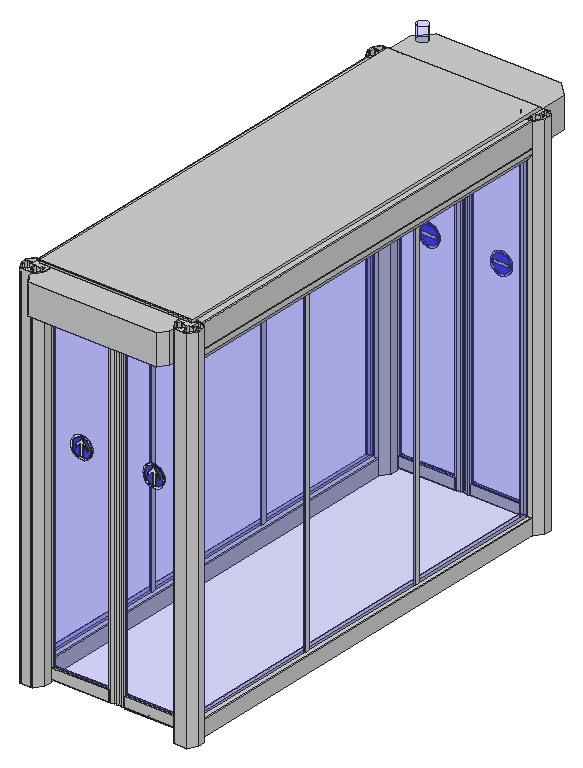
Revit family "agtatec_Record_ScrtTnnl_FlipFlowTwin_Standalone2", category Doors, Revit 2015
Parameters (values of type "FlipFlow Twin_1229")
  Width = NominalWidth  # 1229.00 mm
  Weight = "n/a"
  WarrantyStartDate [instance] = "367.999988368056"
  WarrantyGuarantorParts = "Local door manufacturer"
  WarrantyDurationUnit = "Depends on country"
  WarrantyDurationParts = "Depends on country"
  WarrantyDescription = "Depends on country"
  Version = "1"
  Uniclass2015Version = "1.9"
  Uniclass2015Title = "High security doorsets"
  Uniclass2015Code = "Pr_30_59_24_37"
  URL = ""
  Type Comments = ""
  ThresholdStripping = no
  ThresholdRequired = no
  Thickness = 0.00 mm
  ThermalTransmittance = 0
  TagNumber [instance] = "n/a"
  SmokeStop = no
  Size = "2365x3526x1229"
  Shape = "cuboid shaped"
  SerialNumber [instance] = "n/a"
  Sensor = agtatec_Record_Aluminium
  SelfClosing = yes
  SafetyDevices = "YES"
  Rubber = agtatec_Record_Rubber
  Rough Width = NominalWidth  # 1229.00 mm
  Rough Height = 0.00 mm
  Revision = "n/a"
  ReplacementCost = "Depends on the configuration and door type"
  Reference = "n/a"
  ProductInformation = "www.agta-record.com"
  PassageWidthOptions = "650/900/1100/1203"
  PassageWidth = 900.00 mm
  PassageHeight = NominalHeight  # 2365.00 mm
  PanelWidth = (PassageWidth / 2) + 23.10 mm  # 473.10 mm
  PanelGlass = agtatec_Record_Glass
  Operation = "Automatic"
  OperatingTemperature = "n/a"
  OpeningRotationAngle = if(OpenDoor, 90.00°, 0.00°)  # 0.00°
  OpenDoor = no
  NominalWidth = 1229.00 mm
  NominalLength = 3526.00 mm
  NominalHeight = 2365.00 mm
  Name = "record FlipFlow Twin"
  NBSReference = "25-50-20/176"
  NBSDescription = "Sliding Doorset"
  ModelReference = "depends on the configuration"
  ModelNumber = "n/a"
  Model = ""
  Material = "Aluminium"
  ManufacturerURL = "www.agta-record.com"
  Manufacturer = "info@blasi.info"
  Length = 5999.839 mm
  LeafColourOptions = "n/a"
  Keynote = ""
  IsExternal = no
  InstallationDate [instance] = "367.999988368056"
  Infiltration = 0
  IfcExportType = "Door"
  IfcExportAs = "IFCDoorStyle"
  HeightUnderCanopyOptions = "n/a"
  Height = NominalHeight  # 2365.00 mm
  HasDrive = yes
  HandicapAccessible = yes
  Grade = "n/a"
  GlassType = "n/a"
  GlassThickness2 = 0.00 mm
  GlassThickness1 = 0.00 mm
  GlassLayers = 1
  Function = Exterior
  Frames = agtatec_Record_Aluminium
  FrameProfile = "n/a"
  FrameMaterial = agtatec_Record_Aluminium
  FrameFinishOptions = "stainless steel finish"
  Fire Rating = ""
  Finish = "Aluminium and Glass"
  Features = "n/a"
  Extended = no
  ExpectedLife = "n/a"
  ElectronicLock = yes
  DurationUnit = "Year"
  DoorsetOptions = "n/a"
  DoorsetOperation = "n/a"
  DoorsetFasteners = "n/a"
  DoorSeal = yes
  DoorIncluded = yes
  DiameterOptions = "n/a"
  Description = ""
  Cost = 0
  Construction Type = "Automatic Sliding Door"
  Constituents = "n/a"
  Configuration = "n/a"
  Color = "RAL"
  CodePerformance = "n/a"
  Category = "n/a"
  Capacity = "up tp 2000 people / hour"
  CanopyHeightOptions = "n/a"
  CanopyHeight = 211.00 mm
  BarCode [instance] = "n/a"
  BIMObjectName = "agtatec_Record_ScrtTnnl_FlipFlowTwin_Standalone"
  Author = "agtatec"
  AssetType = "n/a"
  AssetIdentifier [instance] = "n/a"
  Assembly Code = ""
  AntiFingerTrapRequirement = no
  AlternativeDoorsetGlazing = "n/a"
  Alarm = agtatec_Record_Glass
  AccessoryOptions = "n/a"
  AccessibilityPerformance = "n/a"
Reference planes
  plane 1 "Entry": y = 0
  plane 2: z = 0
  plane 3 "Center (Left/Right)": x = 0
  plane 4 "Top": z = 2576
  plane 5 "PH": z = 2365
  plane 6: x = -450
  plane 7: x = 450
  plane 8 "Center": y = 2999.92
  plane 9: x = 473.1
  plane 10: x = -473.1
  plane 11: x = 528.05
  plane 12: x = 536.25
  plane 13: x = -528.05
  plane 14: x = -536.25
  plane 15: y = 3009.27
  plane 16: y = 2879.26
  plane 17: y = 9.35
  plane 18: y = 1922.623
  plane 19: y = 965.987
  plane 20: y = 1926.623
  plane 21: y = 1918.623
  plane 22: y = 969.987
  plane 23: y = 961.987
  plane 24: y = 17.45
  plane 25: y = 2871.16
  plane 26: y = 3017.37
  plane 27: z = 70.9
  plane 28: z = 2345.9
  plane 29: y = 3298.08
  plane 30: x = -448.75
  plane 31: y = 3203.96
Forms (mm)
  Sweep 1, solid, material "agtatec_Record_Aluminium" <- "Frames"
    path origin (0, 0, 0) x (1, 0, 0) y (0, 0, 1)
      loop
        line (450, 0) -> (450, 2576)
    profile origin (450, 0, 1288) x (-1, 0, 0) y (0, -1, 0)
      loop
        line (-37.465, 128.76) -> (-127.035, 128.76) -> (-164.5, 68.803) -> (-164.5, 20.298) -> (-126.752, -17.45) -> (-94.75, -17.45) -> (-94.75, 2.55) -> (-69.55, 2.55) -> (-69.55, -17.45) -> (-43.296, -17.45) -> (-43.296, 20.296) -> (0, 20.296) -> (0, 68.803) -> (-37.465, 128.76)
      loop
        line (-93.15, 103.76) -> (-100.15, 103.76) -> (-100.15, 113.76) -> (-110.85, 113.76) -> (-110.85, 121.863) -> (-127.78, 121.863) -> (-162, 67.057) -> (-162, 65.303) -> (-144.6, 65.303) -> (-144.6, 44) -> (-121.65, 44) -> (-121.65, 53.5) -> (-84.65, 53.5) -> (-84.65, 90.06) -> (-93.15, 90.06) -> (-93.15, 103.76)
      loop
        line (-71.15, 103.76) -> (-71.15, 90.06) -> (-79.65, 90.06) -> (-79.65, 53.5) -> (-42.65, 53.5) -> (-42.65, 44) -> (-19.9, 44) -> (-19.9, 65.303) -> (-2.3, 65.303) -> (-2.3, 67.057) -> (-36.52, 121.863) -> (-53.45, 121.863) -> (-53.45, 113.76) -> (-64.15, 113.76) -> (-64.15, 103.76) -> (-71.15, 103.76)
      loop
        line (-102.6, 39) -> (-162, 39) -> (-162, 21.326) -> (-129.934, -10.74) -> (-106, -10.74) -> (-106, -7.95) -> (-102.6, -7.95) -> (-102.6, 39)
  Sweep 2, solid, material "agtatec_Record_Aluminium" <- "Frames"
    path origin (0, 2999.92, 0) x (1, 0, 0) y (0, 0, 1)
      loop
        line (450, 0) -> (450, 2576)
    profile origin (450, 2999.92, 1288) x (-1, 0, 0) y (0, -1, 0)
      loop
        line (-37.465, 128.76) -> (-69.55, 128.76) -> (-69.55, 108.76) -> (-94.75, 108.76) -> (-94.75, 128.76) -> (-127.035, 128.76) -> (-164.5, 68.803) -> (-164.5, 20.298) -> (-126.752, -17.45) -> (-43.296, -17.45) -> (-43.296, 20.296) -> (0, 20.296) -> (0, 68.803) -> (-37.465, 128.76)
      loop
        line (-93.15, 103.76) -> (-100.15, 103.76) -> (-100.15, 113.76) -> (-110.85, 113.76) -> (-110.85, 121.863) -> (-127.78, 121.863) -> (-162, 67.057) -> (-162, 65.303) -> (-144.6, 65.303) -> (-144.6, 44) -> (-121.65, 44) -> (-121.65, 53.5) -> (-84.65, 53.5) -> (-84.65, 90.06) -> (-93.15, 90.06) -> (-93.15, 103.76)
      loop
        line (-71.15, 103.76) -> (-71.15, 90.06) -> (-79.65, 90.06) -> (-79.65, 53.5) -> (-42.65, 53.5) -> (-42.65, 44) -> (-19.9, 44) -> (-19.9, 65.303) -> (-2.3, 65.303) -> (-2.3, 67.057) -> (-36.52, 121.863) -> (-53.45, 121.863) -> (-53.45, 113.76) -> (-64.15, 113.76) -> (-64.15, 103.76) -> (-71.15, 103.76)
      loop
        line (-102.6, 39) -> (-162, 39) -> (-162, 21.326) -> (-129.934, -10.74) -> (-106, -10.74) -> (-106, -7.95) -> (-102.6, -7.95) -> (-102.6, 39)
  Sweep 3, solid, material "agtatec_Record_Aluminium" <- "Frames"
    path origin (0, 0, 0) x (-1, 0, 0) y (0, 0, 1)
      loop
        line (450, 0) -> (450, 2576)
    profile origin (-450, 0, 1288) x (-1, 0, 0) y (0, -1, 0)
      loop
        line (37.465, 128.76) -> (0, 68.803) -> (0, 20.296) -> (43.296, 20.296) -> (43.296, -17.45) -> (69.55, -17.45) -> (69.55, 2.55) -> (94.75, 2.55) -> (94.75, -17.45) -> (126.752, -17.45) -> (164.5, 20.298) -> (164.5, 68.803) -> (127.035, 128.76) -> (37.465, 128.76)
      loop
        line (93.15, 103.76) -> (93.15, 90.06) -> (84.65, 90.06) -> (84.65, 53.5) -> (121.65, 53.5) -> (121.65, 44) -> (144.6, 44) -> (144.6, 65.303) -> (162, 65.303) -> (162, 67.057) -> (127.78, 121.863) -> (110.85, 121.863) -> (110.85, 113.76) -> (100.15, 113.76) -> (100.15, 103.76) -> (93.15, 103.76)
      loop
        line (71.15, 103.76) -> (64.15, 103.76) -> (64.15, 113.76) -> (53.45, 113.76) -> (53.45, 121.863) -> (36.52, 121.863) -> (2.3, 67.057) -> (2.3, 65.303) -> (19.9, 65.303) -> (19.9, 44) -> (42.65, 44) -> (42.65, 53.5) -> (79.65, 53.5) -> (79.65, 90.06) -> (71.15, 90.06) -> (71.15, 103.76)
      loop
        line (102.6, 39) -> (102.6, -7.95) -> (106, -7.95) -> (106, -10.74) -> (129.934, -10.74) -> (162, 21.326) -> (162, 39) -> (102.6, 39)
  Sweep 4, solid, material "agtatec_Record_Aluminium" <- "Frames"
    path origin (0, 2999.92, 0) x (-1, 0, 0) y (0, 0, 1)
      loop
        line (450, 0) -> (450, 2576)
    profile origin (-450, 2999.92, 1288) x (-1, 0, 0) y (0, -1, 0)
      loop
        line (37.465, 128.76) -> (0, 68.803) -> (0, 20.296) -> (43.296, 20.296) -> (43.296, -17.45) -> (126.752, -17.45) -> (164.5, 20.298) -> (164.5, 68.803) -> (127.035, 128.76) -> (94.75, 128.76) -> (94.75, 108.76) -> (69.55, 108.76) -> (69.55, 128.76) -> (37.465, 128.76)
      loop
        line (93.15, 103.76) -> (93.15, 90.06) -> (84.65, 90.06) -> (84.65, 53.5) -> (121.65, 53.5) -> (121.65, 44) -> (144.6, 44) -> (144.6, 65.303) -> (162, 65.303) -> (162, 67.057) -> (127.78, 121.863) -> (110.85, 121.863) -> (110.85, 113.76) -> (100.15, 113.76) -> (100.15, 103.76) -> (93.15, 103.76)
      loop
        line (71.15, 103.76) -> (64.15, 103.76) -> (64.15, 113.76) -> (53.45, 113.76) -> (53.45, 121.863) -> (36.52, 121.863) -> (2.3, 67.057) -> (2.3, 65.303) -> (19.9, 65.303) -> (19.9, 44) -> (42.65, 44) -> (42.65, 53.5) -> (79.65, 53.5) -> (79.65, 90.06) -> (71.15, 90.06) -> (71.15, 103.76)
      loop
        line (102.6, 39) -> (102.6, -7.95) -> (106, -7.95) -> (106, -10.74) -> (129.934, -10.74) -> (162, 21.326) -> (162, 39) -> (102.6, 39)
  Extrusion 5, solid, material "agtatec_Record_Glass" <- "PanelGlass"
    sketch origin (0, 0, 0) x (1, 0, 0) y (0, 1, 0)
      loop
        line (536.25, 9.35) -> (536.25, 961.987) -> (528.05, 961.987) -> (528.05, 9.35) -> (536.25, 9.35)
      loop
        line (536.25, 2879.26) -> (528.05, 2879.26) -> (528.05, 1926.623) -> (536.25, 1926.623) -> (536.25, 2879.26)
      loop
        line (536.25, 969.987) -> (536.25, 1918.623) -> (528.05, 1918.623) -> (528.05, 969.987) -> (536.25, 969.987)
    from 70.9 to 2345.9
  Extrusion 6, solid, material "agtatec_Record_Glass" <- "PanelGlass"
    sketch origin (0, 0, 0) x (-1, 0, 0) y (0, -1, 0)
      loop
        line (536.25, -9.35) -> (528.05, -9.35) -> (528.05, -961.987) -> (536.25, -961.987) -> (536.25, -9.35)
      loop
        line (536.25, -2879.26) -> (536.25, -1926.623) -> (528.05, -1926.623) -> (528.05, -2879.26) -> (536.25, -2879.26)
      loop
        line (528.05, -969.987) -> (528.05, -1918.623) -> (536.25, -1918.623) -> (536.25, -969.987) -> (528.05, -969.987)
    from 0 to 2345.9
  Sweep 7, solid, material "agtatec_Record_Aluminium" <- "Frames"
    path origin (-3291.85, 965.987, 1200) x (1, 0, 0) y (0, 0, 1)
      loop
        line (3741.85, -1129.1) -> (3741.85, 1145.9)
    profile origin (450, 965.987, 1208.4) x (-1, 0, 0) y (0, -1, 0)
      loop
        line (-77.85, -1) -> (-77.85, -15) -> (-75.85, -15) -> (-75.85, 15) -> (-77.85, 15) -> (-77.85, 1) -> (-86.45, 1) -> (-86.45, 15) -> (-88.45, 15) -> (-88.45, -15) -> (-86.45, -15) -> (-86.45, -1) -> (-77.85, -1)
  Sweep 8, solid, material "agtatec_Record_Aluminium" <- "Frames"
    path origin (-3291.85, 1922.623, 1200) x (1, 0, 0) y (0, 0, 1)
      loop
        line (3741.85, -1129.1) -> (3741.85, 1145.9)
    profile origin (450, 1922.623, 1208.4) x (-1, 0, 0) y (0, -1, 0)
      loop
        line (-77.85, -1) -> (-77.85, -15) -> (-75.85, -15) -> (-75.85, 15) -> (-77.85, 15) -> (-77.85, 1) -> (-86.45, 1) -> (-86.45, 15) -> (-88.45, 15) -> (-88.45, -15) -> (-86.45, -15) -> (-86.45, -1) -> (-77.85, -1)
  Sweep 9, solid, material "agtatec_Record_Aluminium" <- "Frames"
    path origin (3291.85, 965.987, 1200) x (-1, 0, 0) y (0, 0, -1)
      loop
        line (3741.85, 1129.1) -> (3741.85, -1145.9)
    profile origin (-450, 965.987, 1208.4) x (-1, 0, 0) y (0, -1, 0)
      loop
        line (77.85, -1) -> (86.45, -1) -> (86.45, -15) -> (88.45, -15) -> (88.45, 15) -> (86.45, 15) -> (86.45, 1) -> (77.85, 1) -> (77.85, 15) -> (75.85, 15) -> (75.85, -15) -> (77.85, -15) -> (77.85, -1)
  Sweep 10, solid, material "agtatec_Record_Aluminium" <- "Frames"
    path origin (3291.85, 1922.623, 1200) x (-1, 0, 0) y (0, 0, -1)
      loop
        line (3741.85, 1129.1) -> (3741.85, -1145.9)
    profile origin (-450, 1922.623, 1208.4) x (-1, 0, 0) y (0, -1, 0)
      loop
        line (77.85, -1) -> (86.45, -1) -> (86.45, -15) -> (88.45, -15) -> (88.45, 15) -> (86.45, 15) -> (86.45, 1) -> (77.85, 1) -> (77.85, 15) -> (75.85, 15) -> (75.85, -15) -> (77.85, -15) -> (77.85, -1)
  Sweep 11, solid, material "agtatec_Record_Aluminium" <- "Frames"
    path origin (0, 0, 0) x (1, 0, 0) y (0, 1, 0)
      loop
        line (450, 17.45) -> (450, 2871.16)
    profile origin (450, 1444.305, 0) x (-1, 0, 0) y (0, 0, 1)
      loop
        line (-39.65, 0.9) -> (-39.65, 105.9)
        arc (-39.65, 105.9) -> (-41.114, 109.436) -> (-44.65, 110.9) r 5
        line (-44.65, 110.9) -> (-72.65, 110.9) -> (-72.65, 70.9) -> (-91.65, 70.9) -> (-91.65, 110.9) -> (-119.65, 110.9)
        arc (-119.65, 110.9) -> (-123.186, 109.436) -> (-124.65, 105.9) r 5
        line (-124.65, 105.9) -> (-124.65, 0.9) -> (-39.65, 0.9)
  Sweep 12, solid, material "agtatec_Record_Aluminium" <- "Frames"
    path origin (0, 0, 0) x (-1, 0, 0) y (0, 1, 0)
      loop
        line (450, 17.45) -> (450, 2871.16)
    profile origin (-450, 1444.305, 0) x (-1, 0, 0) y (0, 0, 1)
      loop
        line (39.65, 0.9) -> (124.65, 0.9) -> (124.65, 105.9)
        arc (124.65, 105.9) -> (123.186, 109.436) -> (119.65, 110.9) r 5
        line (119.65, 110.9) -> (91.65, 110.9) -> (91.65, 70.9) -> (72.65, 70.9) -> (72.65, 110.9) -> (44.65, 110.9)
        arc (44.65, 110.9) -> (41.114, 109.436) -> (39.65, 105.9) r 5
        line (39.65, 105.9) -> (39.65, 0.9)
  Sweep 13, solid, material "agtatec_Record_Aluminium" <- "Frames"
    path origin (0, 0, 2365) x (-1, 0, 0) y (0, -1, 0)
      loop
        line (-450, -17.45) -> (-450, -2871.16)
    profile origin (450, 1444.305, 2365) x (-1, 0, 0) y (0, 0, 1)
      loop
        line (-60.47, -28.7) -> (-43.15, 1.3) -> (-43.15, 38.1) -> (-115.65, 38.1)
        arc (-115.65, 38.1) -> (-118.125, 39.125) -> (-119.15, 41.6) r 3.5
        line (-119.15, 41.6) -> (-119.15, 105.35) -> (-46.15, 105.35) -> (-46.15, 142.35) -> (-119.15, 142.35) -> (-119.15, 206.6)
        arc (-119.15, 206.6) -> (-118.271, 208.721) -> (-116.15, 209.6) r 3
        line (-116.15, 209.6) -> (-71.15, 209.6) -> (-71.15, 211.6) -> (-116.15, 211.6)
        arc (-116.15, 211.6) -> (-119.686, 210.136) -> (-121.15, 206.6) r 5
        line (-121.15, 206.6) -> (-121.15, 41.6)
        arc (-121.15, 41.6) -> (-119.539, 37.711) -> (-115.65, 36.1) r 5.5
        line (-115.65, 36.1) -> (-115.65, 35.1) -> (-121.15, 35.1) -> (-121.15, 1.3) -> (-103.83, -28.7) -> (-92.15, -28.7) -> (-92.15, -33.1) -> (-89.15, -33.1) -> (-89.15, -19.1) -> (-75.15, -19.1) -> (-75.15, -33.1) -> (-72.15, -33.1) -> (-72.15, -28.7) -> (-60.47, -28.7)
  Sweep 14, solid, material "agtatec_Record_Aluminium" <- "Frames"
    path origin (0, 0, 2365) x (1, 0, 0) y (0, -1, 0)
      loop
        line (-450, -17.45) -> (-450, -2871.16)
    profile origin (-450, 1444.305, 2365) x (-1, 0, 0) y (0, 0, 1)
      loop
        line (60.47, -28.7) -> (72.15, -28.7) -> (72.15, -33.1) -> (75.15, -33.1) -> (75.15, -19.1) -> (89.15, -19.1) -> (89.15, -33.1) -> (92.15, -33.1) -> (92.15, -28.7) -> (103.83, -28.7) -> (121.15, 1.3) -> (121.15, 35.1) -> (115.65, 35.1) -> (115.65, 36.1)
        arc (115.65, 36.1) -> (119.539, 37.711) -> (121.15, 41.6) r 5.5
        line (121.15, 41.6) -> (121.15, 206.6)
        arc (121.15, 206.6) -> (119.686, 210.136) -> (116.15, 211.6) r 5
        line (116.15, 211.6) -> (71.15, 211.6) -> (71.15, 209.6) -> (116.15, 209.6)
        arc (116.15, 209.6) -> (118.271, 208.721) -> (119.15, 206.6) r 3
        line (119.15, 206.6) -> (119.15, 142.35) -> (46.15, 142.35) -> (46.15, 105.35) -> (119.15, 105.35) -> (119.15, 41.6)
        arc (119.15, 41.6) -> (118.125, 39.125) -> (115.65, 38.1) r 3.5
        line (115.65, 38.1) -> (43.15, 38.1) -> (43.15, 1.3) -> (60.47, -28.7)
  Extrusion 15, solid, material "agtatec_Record_Aluminium" <- "Frames"
    sketch origin (0, 0, 0) x (0, 1, 0) y (0, 0, 1)
      loop
        line (2999.92, 2576) -> (2999.92, 2587.5)
        arc (2999.92, 2587.5) -> (2998.748, 2590.328) -> (2995.92, 2591.5) r 4
        line (2995.92, 2591.5) -> (-12.95, 2591.5)
        arc (-12.95, 2591.5) -> (-15.778, 2590.328) -> (-16.95, 2587.5) r 4
        line (-16.95, 2587.5) -> (-16.95, 2576) -> (2999.92, 2576)
    from -528.05 to 528.05
  Extrusion 16, solid, material "agtatec_Record_Aluminium" <- "Frames"
    sketch origin (0, 0, 2365) x (-1, 0, 0) y (0, -1, 0)
      loop
        line (-493.15, 20.296) -> (-493.15, -2871.16) -> (-487.465, -2871.16) -> (-450, -2931.117) -> (-450, -2979.623) -> (-493.296, -2979.623) -> (-493.296, -3017.37) -> (-531.25, -3017.37) -> (-531.25, -3198.909) -> (-432.079, -3298.08) -> (432.079, -3298.08) -> (531.25, -3198.909) -> (531.25, -3017.37) -> (493.296, -3017.37) -> (493.296, -2979.623) -> (450, -2979.623) -> (450, -2931.117) -> (487.465, -2871.16) -> (493.15, -2871.16) -> (493.15, 20.296) -> (450, 20.296) -> (450, 68.803) -> (487.75, 129.216) -> (487.75, 161.56) -> (448.108, 225) -> (-448.108, 225) -> (-487.75, 161.56) -> (-487.75, 129.216) -> (-450, 68.803) -> (-450, 20.296) -> (-493.15, 20.296)
    from 0 to 10
  Extrusion 17, solid, material "agtatec_Record_Aluminium" <- "Frames"
    sketch origin (0, -2999.92, 2365) x (-1, 0, 0) y (0, -1, 0)
      loop
        line (-531.25, -6198.829) -> (-432.079, -6298) -> (432.079, -6298) -> (531.25, -6198.829) -> (531.25, -6017.289) -> (529.25, -6017.289) -> (529.25, -6198) -> (431.25, -6296) -> (-431.25, -6296) -> (-529.25, -6198) -> (-529.25, -6017.289) -> (-531.25, -6017.289) -> (-531.25, -6198.829)
    from 0 to 211
  Extrusion 18, solid, material "agtatec_Record_Aluminium" <- "Frames"
    sketch origin (0, 0, 2365) x (-1, 0, 0) y (0, -1, 0)
      loop
        line (487.75, 128.76) -> (487.75, 161.56) -> (448.108, 225) -> (-448.108, 225) -> (-487.75, 161.56) -> (-487.75, 128.76) -> (-485.75, 128.76) -> (-485.75, 160.986) -> (-447, 223) -> (447, 223) -> (485.75, 160.987) -> (485.75, 128.76) -> (487.75, 128.76)
    from 0 to 211
  Extrusion 19, solid, material "agtatec_Record_Aluminium" <- "Frames"
    sketch origin (0, 0, 2576) x (-1, 0, 0) y (0, -1, 0)
      loop
        line (487.75, 129.216) -> (487.75, 161.56) -> (448.108, 225) -> (-448.108, 225) -> (-487.75, 161.56) -> (-487.75, 129.216) -> (-450, 68.803) -> (-450, -17.45) -> (450, -17.45) -> (450, 68.803) -> (487.75, 129.216)
    from 0 to -10
  Extrusion 20, solid, material "agtatec_Record_Aluminium" <- "Frames"
    sketch origin (0, -1354.92, 2576) x (-1, 0, 0) y (0, -1, 0)
      loop
        line (432.079, -4653) -> (531.25, -4553.829) -> (531.25, -4372.289) -> (493.296, -4372.289) -> (493.296, -4334.543) -> (450, -4334.543) -> (450, -4286.036) -> (487.465, -4226.079) -> (-487.465, -4226.079) -> (-450, -4286.036) -> (-450, -4334.543) -> (-493.296, -4334.543) -> (-493.296, -4372.289) -> (-531.25, -4372.289) -> (-531.25, -4553.829) -> (-432.079, -4653) -> (432.079, -4653)
    from 0 to -10
  Extrusion 21, solid, material "agtatec_Record_Aluminium" <- "Sensor", detail levels fine
    sketch origin (0, 0, 0) x (0, 1, 0) y (0, 0, 1)
      loop
        line (-128.53, 2365) -> (-155.03, 2365)
        arc (-155.03, 2365) -> (-141.78, 2351.75) -> (-128.53, 2365) r 13.25
    from -92.5 to 92.5
  Extrusion 22, solid, material "agtatec_Record_Aluminium" <- "Sensor", detail levels fine
    sketch origin (0, 0, 0) x (0, 1, 0) y (0, 0, 1)
      loop
        arc (3321.41, 2403.08) -> (3334.66, 2416.33) -> (3321.41, 2429.58) r 13.25
        line (3321.41, 2429.58) -> (3298.08, 2429.58) -> (3298.08, 2403.08) -> (3321.41, 2403.08)
    from -135 to 135
  Extrusion 23, solid, material "agtatec_Record_Glass" <- "Alarm", detail levels fine
    sketch origin (0, 0, 2576) x (-1, 0, 0) y (0, -1, 0)
      loop
        circle (448.75, -3203.96) r 38
    from 0 to 100
Cuts and joins
  joined: Sweep 13, Sweep 14, Extrusion 15
  joined: Extrusion 16, Extrusion 17, Extrusion 18, Extrusion 19, Extrusion 20
Lines and regions (mm)
  Masking region 1
    outline origin (-536.25, 0, 0) x (0, 1, 0) y (-1, 0, 0)
      loop
        line (3017.37, -42.954) -> (3017.37, 40.502) -> (2979.622, 78.25) -> (2931.117, 78.25) -> (2871.16, 40.785) -> (2871.16, 38.4) -> (17.45, 38.4) -> (17.45, 40.502) -> (-20.298, 78.25) -> (-68.803, 78.25) -> (-128.76, 40.785) -> (-128.76, -48.785) -> (-68.803, -86.25) -> (-20.296, -86.25) -> (-20.296, -42.954) -> (17.45, -42.954) -> (17.45, -46.6) -> (2871.16, -46.6) -> (2871.16, -48.785) -> (2931.117, -86.25) -> (2979.623, -86.25) -> (2979.623, -42.954) -> (3017.37, -42.954)
  Masking region 2
    outline origin (536.25, 0, 0) x (0, 1, 0) y (-1, 0, 0)
      loop
        line (2979.623, 42.954) -> (2979.623, 86.25) -> (2931.117, 86.25) -> (2871.16, 48.785) -> (2871.16, 46.6) -> (17.45, 46.6) -> (17.45, 42.954) -> (-20.296, 42.954) -> (-20.296, 86.25) -> (-68.803, 86.25) -> (-128.76, 48.785) -> (-128.76, -40.785) -> (-68.803, -78.25) -> (-20.298, -78.25) -> (17.45, -40.502) -> (17.45, -38.4) -> (2871.16, -38.4) -> (2871.16, -40.785) -> (2931.117, -78.25) -> (2979.622, -78.25) -> (3017.37, -40.502) -> (3017.37, 42.954) -> (2979.623, 42.954)
  symbolic lines, detail levels fine
    curve 1: line (-560.85, -121.863, 0) -> (-577.78, -121.863, 0)
    curve 2: line (-560.85, -113.76, 0) -> (-560.85, -121.863, 0)
    curve 3: line (-550.15, -113.76, 0) -> (-560.85, -113.76, 0)
    curve 4: line (-550.15, -103.76, 0) -> (-550.15, -113.76, 0)
    curve 5: line (-543.15, -103.76, 0) -> (-550.15, -103.76, 0)
    curve 6: line (-543.15, -90.06, 0) -> (-543.15, -103.76, 0)
    curve 7: line (-534.65, -90.06, 0) -> (-543.15, -90.06, 0)
    curve 8: line (-534.65, -53.5, 0) -> (-534.65, -90.06, 0)
    curve 9: line (-571.65, -53.5, 0) -> (-534.65, -53.5, 0)
    curve 10: line (-571.65, -44, 0) -> (-571.65, -53.5, 0)
    curve 11: line (-594.6, -44, 0) -> (-571.65, -44, 0)
    curve 12: line (-594.6, -65.303, 0) -> (-594.6, -44, 0)
    curve 13: line (-612, -65.303, 0) -> (-594.6, -65.303, 0)
    curve 14: line (-612, -67.057, 0) -> (-612, -65.303, 0)
    curve 15: line (-577.78, -121.863, 0) -> (-612, -67.057, 0)
    curve 16: line (-529.65, -90.06, 0) -> (-529.65, -53.5, 0)
    curve 17: line (-529.65, -53.5, 0) -> (-492.65, -53.5, 0)
    curve 18: line (-492.65, -53.5, 0) -> (-492.65, -44, 0)
    curve 19: line (-492.65, -44, 0) -> (-469.9, -44, 0)
    curve 20: line (-469.9, -44, 0) -> (-469.9, -65.303, 0)
    curve 21: line (-469.9, -65.303, 0) -> (-452.3, -65.303, 0)
    curve 22: line (-452.3, -67.057, 0) -> (-486.52, -121.863, 0)
    curve 23: line (-452.3, -65.303, 0) -> (-452.3, -67.057, 0)
    curve 24: line (-486.52, -121.863, 0) -> (-503.45, -121.863, 0)
    curve 25: line (-503.45, -121.863, 0) -> (-503.45, -113.76, 0)
    curve 26: line (-503.45, -113.76, 0) -> (-514.15, -113.76, 0)
    curve 27: line (-514.15, -113.76, 0) -> (-514.15, -103.76, 0)
    curve 28: line (-514.15, -103.76, 0) -> (-521.15, -103.76, 0)
    curve 29: line (-521.15, -103.76, 0) -> (-521.15, -90.06, 0)
    curve 30: line (-521.15, -90.06, 0) -> (-529.65, -90.06, 0)
    curve 31: line (-552.6, -39, 0) -> (-612, -39, 0)
    curve 32: line (-552.6, 7.95, 0) -> (-552.6, -39, 0)
    curve 33: line (-556, 7.95, 0) -> (-552.6, 7.95, 0)
    curve 34: line (-556, 10.74, 0) -> (-556, 7.95, 0)
    curve 35: line (-579.934, 10.74, 0) -> (-556, 10.74, 0)
    curve 36: line (-612, -21.326, 0) -> (-579.934, 10.74, 0)
    curve 37: line (-612, -39, 0) -> (-612, -21.326, 0)
    curve 38: line (452.3, -67.057, 0) -> (452.3, -65.303, 0)
    curve 39: line (486.52, -121.863, 0) -> (452.3, -67.057, 0)
    curve 40: line (452.3, -65.303, 0) -> (469.9, -65.303, 0)
    curve 41: line (469.9, -65.303, 0) -> (469.9, -44, 0)
    curve 42: line (469.9, -44, 0) -> (492.65, -44, 0)
    curve 43: line (492.65, -44, 0) -> (492.65, -53.5, 0)
    curve 44: line (492.65, -53.5, 0) -> (529.65, -53.5, 0)
    curve 45: line (529.65, -53.5, 0) -> (529.65, -90.06, 0)
    curve 46: line (529.65, -90.06, 0) -> (521.15, -90.06, 0)
    curve 47: line (521.15, -90.06, 0) -> (521.15, -103.76, 0)
    curve 48: line (521.15, -103.76, 0) -> (514.15, -103.76, 0)
    curve 49: line (514.15, -103.76, 0) -> (514.15, -113.76, 0)
    curve 50: line (514.15, -113.76, 0) -> (503.45, -113.76, 0)
    curve 51: line (503.45, -113.76, 0) -> (503.45, -121.863, 0)
    curve 52: line (503.45, -121.863, 0) -> (486.52, -121.863, 0)
    curve 53: line (612, -65.303, 0) -> (612, -67.057, 0)
    curve 54: line (612, -67.057, 0) -> (577.78, -121.863, 0)
    curve 55: line (594.6, -65.303, 0) -> (612, -65.303, 0)
    curve 56: line (594.6, -44, 0) -> (594.6, -65.303, 0)
    curve 57: line (571.65, -44, 0) -> (594.6, -44, 0)
    curve 58: line (571.65, -53.5, 0) -> (571.65, -44, 0)
    curve 59: line (534.65, -53.5, 0) -> (571.65, -53.5, 0)
    curve 60: line (534.65, -90.06, 0) -> (534.65, -53.5, 0)
    curve 61: line (543.15, -90.06, 0) -> (534.65, -90.06, 0)
    curve 62: line (543.15, -103.76, 0) -> (543.15, -90.06, 0)
    curve 63: line (550.15, -103.76, 0) -> (543.15, -103.76, 0)
    curve 64: line (550.15, -113.76, 0) -> (550.15, -103.76, 0)
    curve 65: line (560.85, -113.76, 0) -> (550.15, -113.76, 0)
    curve 66: line (560.85, -121.863, 0) -> (560.85, -113.76, 0)
    curve 67: line (577.78, -121.863, 0) -> (560.85, -121.863, 0)
    curve 68: line (612, -21.326, 0) -> (612, -39, 0)
    curve 69: line (612, -39, 0) -> (552.6, -39, 0)
    curve 70: line (579.934, 10.74, 0) -> (612, -21.326, 0)
    curve 71: line (552.6, -39, 0) -> (552.6, 7.95, 0)
    curve 72: line (552.6, 7.95, 0) -> (556, 7.95, 0)
    curve 73: line (556, 10.74, 0) -> (579.934, 10.74, 0)
    curve 74: line (556, 7.95, 0) -> (556, 10.74, 0)
    curve 75: line (-560.85, 2878.057, 0) -> (-577.78, 2878.057, 0)
    curve 76: line (-577.78, 2878.057, 0) -> (-612, 2932.862, 0)
    curve 77: line (-612, 2932.862, 0) -> (-612, 2934.617, 0)
    curve 78: line (-612, 2934.617, 0) -> (-594.6, 2934.617, 0)
    curve 79: line (-594.6, 2934.617, 0) -> (-594.6, 2955.92, 0)
    curve 80: line (-594.6, 2955.92, 0) -> (-571.65, 2955.92, 0)
    curve 81: line (-571.65, 2955.92, 0) -> (-571.65, 2946.42, 0)
    curve 82: line (-571.65, 2946.42, 0) -> (-534.65, 2946.42, 0)
    curve 83: line (-534.65, 2946.42, 0) -> (-534.65, 2909.86, 0)
    curve 84: line (-534.65, 2909.86, 0) -> (-543.15, 2909.86, 0)
    curve 85: line (-543.15, 2909.86, 0) -> (-543.15, 2896.16, 0)
    curve 86: line (-543.15, 2896.16, 0) -> (-550.15, 2896.16, 0)
    curve 87: line (-550.15, 2896.16, 0) -> (-550.15, 2886.16, 0)
    curve 88: line (-550.15, 2886.16, 0) -> (-560.85, 2886.16, 0)
    curve 89: line (-560.85, 2886.16, 0) -> (-560.85, 2878.057, 0)
    curve 90: line (-452.3, 2934.617, 0) -> (-452.3, 2932.862, 0)
    curve 91: line (-469.9, 2934.617, 0) -> (-452.3, 2934.617, 0)
    curve 92: line (-452.3, 2932.862, 0) -> (-486.52, 2878.057, 0)
    curve 93: line (-469.9, 2955.92, 0) -> (-469.9, 2934.617, 0)
    curve 94: line (-492.65, 2955.92, 0) -> (-469.9, 2955.92, 0)
    curve 95: line (-492.65, 2946.42, 0) -> (-492.65, 2955.92, 0)
    curve 96: line (-486.52, 2878.057, 0) -> (-503.45, 2878.057, 0)
    curve 97: line (-503.45, 2878.057, 0) -> (-503.45, 2886.16, 0)
    curve 98: line (-503.45, 2886.16, 0) -> (-514.15, 2886.16, 0)
    curve 99: line (-514.15, 2886.16, 0) -> (-514.15, 2896.16, 0)
    curve 100: line (-514.15, 2896.16, 0) -> (-521.15, 2896.16, 0)
    curve 101: line (-521.15, 2896.16, 0) -> (-521.15, 2909.86, 0)
    curve 102: line (-521.15, 2909.86, 0) -> (-529.65, 2909.86, 0)
    curve 103: line (-529.65, 2909.86, 0) -> (-529.65, 2946.42, 0)
    curve 104: line (-529.65, 2946.42, 0) -> (-492.65, 2946.42, 0)
    curve 105: line (-552.6, 2960.92, 0) -> (-612, 2960.92, 0)
    curve 106: line (-552.6, 3007.87, 0) -> (-552.6, 2960.92, 0)
    curve 107: line (-556, 3007.87, 0) -> (-552.6, 3007.87, 0)
    curve 108: line (-556, 3010.66, 0) -> (-556, 3007.87, 0)
    curve 109: line (-579.934, 3010.66, 0) -> (-556, 3010.66, 0)
    curve 110: line (-612, 2978.593, 0) -> (-579.934, 3010.66, 0)
    curve 111: line (-612, 2960.92, 0) -> (-612, 2978.593, 0)
    curve 112: line (503.45, 2878.057, 0) -> (486.52, 2878.057, 0)
    curve 113: line (503.45, 2886.16, 0) -> (503.45, 2878.057, 0)
    curve 114: line (514.15, 2886.16, 0) -> (503.45, 2886.16, 0)
    curve 115: line (514.15, 2896.16, 0) -> (514.15, 2886.16, 0)
    curve 116: line (521.15, 2896.16, 0) -> (514.15, 2896.16, 0)
    curve 117: line (521.15, 2909.86, 0) -> (521.15, 2896.16, 0)
    curve 118: line (529.65, 2909.86, 0) -> (521.15, 2909.86, 0)
    curve 119: line (529.65, 2946.42, 0) -> (529.65, 2909.86, 0)
    curve 120: line (486.52, 2878.057, 0) -> (452.3, 2932.862, 0)
    curve 121: line (452.3, 2932.862, 0) -> (452.3, 2934.617, 0)
    curve 122: line (452.3, 2934.617, 0) -> (469.9, 2934.617, 0)
    curve 123: line (469.9, 2934.617, 0) -> (469.9, 2955.92, 0)
    curve 124: line (469.9, 2955.92, 0) -> (492.65, 2955.92, 0)
    curve 125: line (492.65, 2955.92, 0) -> (492.65, 2946.42, 0)
    curve 126: line (492.65, 2946.42, 0) -> (529.65, 2946.42, 0)
    curve 127: line (534.65, 2909.86, 0) -> (534.65, 2946.42, 0)
    curve 128: line (534.65, 2946.42, 0) -> (571.65, 2946.42, 0)
    curve 129: line (571.65, 2946.42, 0) -> (571.65, 2955.92, 0)
    curve 130: line (571.65, 2955.92, 0) -> (594.6, 2955.92, 0)
    curve 131: line (594.6, 2955.92, 0) -> (594.6, 2934.617, 0)
    curve 132: line (594.6, 2934.617, 0) -> (612, 2934.617, 0)
    curve 133: line (543.15, 2909.86, 0) -> (534.65, 2909.86, 0)
    curve 134: line (543.15, 2896.16, 0) -> (543.15, 2909.86, 0)
    curve 135: line (550.15, 2896.16, 0) -> (543.15, 2896.16, 0)
    curve 136: line (560.85, 2878.057, 0) -> (560.85, 2886.16, 0)
    curve 137: line (577.78, 2878.057, 0) -> (560.85, 2878.057, 0)
    curve 138: line (612, 2932.862, 0) -> (577.78, 2878.057, 0)
    curve 139: line (612, 2934.617, 0) -> (612, 2932.862, 0)
    curve 140: line (612, 2960.92, 0) -> (552.6, 2960.92, 0)
    curve 141: line (612, 2978.593, 0) -> (612, 2960.92, 0)
    curve 142: line (579.934, 3010.66, 0) -> (612, 2978.593, 0)
    curve 143: line (552.6, 2960.92, 0) -> (552.6, 3007.87, 0)
    curve 144: line (-538.45, 950.987, 0) -> (-536.45, 950.987, 0)
    curve 145: line (-538.45, 980.987, 0) -> (-538.45, 950.987, 0)
    curve 146: line (-536.45, 950.987, 0) -> (-536.45, 964.987, 0)
    curve 147: line (-527.85, 964.987, 0) -> (-527.85, 950.987, 0)
    curve 148: line (-536.45, 964.987, 0) -> (-527.85, 964.987, 0)
    curve 149: line (-527.85, 950.987, 0) -> (-525.85, 950.987, 0)
    curve 150: line (-525.85, 950.987, 0) -> (-525.85, 980.987, 0)
    curve 151: line (-525.85, 980.987, 0) -> (-527.85, 980.987, 0)
    curve 152: line (-536.45, 980.987, 0) -> (-538.45, 980.987, 0)
    curve 153: line (-536.45, 966.987, 0) -> (-536.45, 980.987, 0)
    curve 154: line (-527.85, 980.987, 0) -> (-527.85, 966.987, 0)
    curve 155: line (-527.85, 966.987, 0) -> (-536.45, 966.987, 0)
    curve 156: line (-538.45, 1907.623, 0) -> (-536.45, 1907.623, 0)
    curve 157: line (-536.45, 1907.623, 0) -> (-536.45, 1921.623, 0)
    curve 158: line (-536.45, 1921.623, 0) -> (-527.85, 1921.623, 0)
    curve 159: line (-527.85, 1921.623, 0) -> (-527.85, 1907.623, 0)
    curve 160: line (-527.85, 1907.623, 0) -> (-525.85, 1907.623, 0)
    curve 161: line (-525.85, 1907.623, 0) -> (-525.85, 1937.623, 0)
    curve 162: line (-538.45, 1937.623, 0) -> (-538.45, 1907.623, 0)
    curve 163: line (-527.85, 1923.623, 0) -> (-536.45, 1923.623, 0)
    curve 164: line (-536.45, 1923.623, 0) -> (-536.45, 1937.623, 0)
    curve 165: line (-527.85, 1937.623, 0) -> (-527.85, 1923.623, 0)
    curve 166: line (-525.85, 1937.623, 0) -> (-527.85, 1937.623, 0)
    curve 167: line (-536.45, 1937.623, 0) -> (-538.45, 1937.623, 0)
    curve 168: line (-544.75, -2.55, 0) -> (-544.75, 17.45, 0)
    curve 169: line (-519.55, -2.55, 0) -> (-544.75, -2.55, 0)
    curve 170: line (-519.55, 17.45, 0) -> (-519.55, -2.55, 0)
    curve 171: line (519.55, 2871.16, 0) -> (519.55, 2891.16, 0)
    curve 172: line (519.55, 2891.16, 0) -> (544.75, 2891.16, 0)
    curve 173: line (544.75, 2891.16, 0) -> (544.75, 2871.16, 0)
    curve 174: line (544.75, -2.55, 0) -> (519.55, -2.55, 0)
    curve 175: line (519.55, -2.55, 0) -> (519.55, 17.45, 0)
    curve 176: line (544.75, 17.45, 0) -> (544.75, -2.55, 0)
    curve 185: line (525.85, 950.987, 0) -> (527.85, 950.987, 0)
    curve 186: line (536.45, 950.987, 0) -> (538.45, 950.987, 0)
    curve 187: line (527.85, 950.987, 0) -> (527.85, 964.987, 0)
    curve 188: line (525.85, 980.987, 0) -> (525.85, 950.987, 0)
    curve 189: line (527.85, 964.987, 0) -> (536.45, 964.987, 0)
    curve 190: line (536.45, 966.987, 0) -> (527.85, 966.987, 0)
    curve 191: line (536.45, 964.987, 0) -> (536.45, 950.987, 0)
    curve 192: line (538.45, 950.987, 0) -> (538.45, 980.987, 0)
    curve 193: line (527.85, 966.987, 0) -> (527.85, 980.987, 0)
    curve 194: line (536.45, 980.987, 0) -> (536.45, 966.987, 0)
    curve 195: line (538.45, 980.987, 0) -> (536.45, 980.987, 0)
    curve 196: line (527.85, 980.987, 0) -> (525.85, 980.987, 0)
    curve 197: line (525.85, 1907.623, 0) -> (527.85, 1907.623, 0)
    curve 198: line (527.85, 1907.623, 0) -> (527.85, 1921.623, 0)
    curve 199: line (525.85, 1937.623, 0) -> (525.85, 1907.623, 0)
    curve 200: line (536.45, 1921.623, 0) -> (536.45, 1907.623, 0)
    curve 201: line (536.45, 1907.623, 0) -> (538.45, 1907.623, 0)
    curve 202: line (538.45, 1907.623, 0) -> (538.45, 1937.623, 0)
    curve 203: line (527.85, 1921.623, 0) -> (536.45, 1921.623, 0)
    curve 204: line (536.45, 1923.623, 0) -> (527.85, 1923.623, 0)
    curve 205: line (536.45, 1937.623, 0) -> (536.45, 1923.623, 0)
    curve 206: line (527.85, 1923.623, 0) -> (527.85, 1937.623, 0)
    curve 207: line (527.85, 1937.623, 0) -> (525.85, 1937.623, 0)
    curve 208: line (538.45, 1937.623, 0) -> (536.45, 1937.623, 0)
    curve 212: line (-536.25, 2879.26, 0) -> (-528.05, 2879.26, 0)
    curve 213: line (-536.25, 1926.623, 0) -> (-536.25, 2879.26, 0)
    curve 214: line (-528.05, 1926.623, 0) -> (-536.25, 1926.623, 0)
    curve 215: line (-528.05, 2879.26, 0) -> (-528.05, 1926.623, 0)
    curve 216: line (-536.25, 1918.623, 0) -> (-528.05, 1918.623, 0)
    curve 217: line (-536.25, 969.987, 0) -> (-536.25, 1918.623, 0)
    curve 218: line (-528.05, 969.987, 0) -> (-536.25, 969.987, 0)
    curve 219: line (-528.05, 1918.623, 0) -> (-528.05, 969.987, 0)
    curve 220: line (-536.25, 961.987, 0) -> (-528.05, 961.987, 0)
    curve 221: line (-536.25, 9.35, 0) -> (-536.25, 961.987, 0)
    curve 222: line (-528.05, 9.35, 0) -> (-536.25, 9.35, 0)
    curve 223: line (-528.05, 961.987, 0) -> (-528.05, 9.35, 0)
    curve 226: line (528.05, 9.35, 0) -> (536.25, 9.35, 0)
    curve 227: line (536.25, 9.35, 0) -> (536.25, 961.987, 0)
    curve 228: line (528.05, 961.987, 0) -> (528.05, 9.35, 0)
    curve 229: line (536.25, 961.987, 0) -> (528.05, 961.987, 0)
    curve 230: line (528.05, 969.987, 0) -> (536.25, 969.987, 0)
    curve 231: line (528.05, 1918.623, 0) -> (528.05, 969.987, 0)
    curve 232: line (536.25, 969.987, 0) -> (536.25, 1918.623, 0)
    curve 233: line (536.25, 1918.623, 0) -> (528.05, 1918.623, 0)
    curve 234: line (528.05, 1926.623, 0) -> (536.25, 1926.623, 0)
    curve 235: line (528.05, 2879.26, 0) -> (528.05, 1926.623, 0)
    curve 236: line (536.25, 1926.623, 0) -> (536.25, 2879.26, 0)
    curve 237: line (536.25, 2879.26, 0) -> (528.05, 2879.26, 0)
    curve 238: line (550.15, 2886.16, 0) -> (550.15, 2896.16, 0)
    curve 239: line (560.85, 2886.16, 0) -> (550.15, 2886.16, 0)
    curve 240: line (552.6, 3007.87, 0) -> (556, 3007.87, 0)
    curve 241: line (556, 3007.87, 0) -> (556, 3010.66, 0)
    curve 242: line (556, 3010.66, 0) -> (579.934, 3010.66, 0)
    curve 244: line (-544.75, 2871.16, 0) -> (-544.75, 2891.16, 0)
    curve 245: line (-544.75, 2891.16, 0) -> (-519.55, 2891.16, 0)
    curve 246: line (-519.55, 2891.16, 0) -> (-519.55, 2871.16, 0)
  symbolic lines, detail levels medium+fine
    curve 177: line (-536.25, 17.45, 0) -> (-574.65, 17.45, 0)
    curve 178: line (-493.296, 17.45, 0) -> (-528.05, 17.45, 0)
    curve 179: line (536.25, 2871.16, 0) -> (574.65, 2871.16, 0)
    curve 180: line (489.65, 2871.16, 0) -> (528.05, 2871.16, 0)
    curve 181: line (528.05, 17.45, 0) -> (493.296, 17.45, 0)
    curve 182: line (574.65, 17.45, 0) -> (536.25, 17.45, 0)
    curve 183: line (541.65, 2871.16, 0) -> (541.65, 17.45, 0)
    curve 184: line (522.65, 17.45, 0) -> (522.65, 2871.16, 0)
    curve 247: line (-522.65, 2871.16, 0) -> (-522.65, 17.45, 0)
    curve 248: line (-541.65, 17.45, 0) -> (-541.65, 2871.16, 0)
    curve 249: line (-528.05, 2871.16, 0) -> (-489.65, 2871.16, 0)
    curve 250: line (-574.65, 2871.16, 0) -> (-536.25, 2871.16, 0)
  symbolic lines, detail levels medium
    curve 209: line (536.25, 2871.16, 0) -> (528.05, 2871.16, 0)
    curve 224: line (-536.25, 17.45, 0) -> (-528.05, 17.45, 0)
    curve 225: line (-536.25, 2871.16, 0) -> (-528.05, 2871.16, 0)
    curve 243: line (536.25, 17.45, 0) -> (528.05, 17.45, 0)
  reference lines
    curve 210: line (-536.25, 0, 0) -> (-536.25, 3017.37, 0)
    curve 211: line (536.25, 0, 0) -> (536.25, 3017.37, 0)
Dimensions and locks
  "PassageHeight": plane 5 "PH" to plane 2
  "CanopyHeight": plane 4 "Top" to plane 5 "PH"
  equal spacing: plane 6, plane 3 "Center (Left/Right)", plane 7
  "PassageWidth": plane 6 to plane 7
  plane 1 "Entry" to plane 8 "Center" = 2999.92 mm
  locked: plane 7 to plane 9 at 23.1
  locked: plane 10 to plane 6 at 23.1
  locked: plane 9 to plane 11 at 54.95
  locked: plane 11 to plane 12 at 8.2
  locked: plane 10 to plane 13 at 54.95
  locked: plane 13 to plane 14 at 8.2
  plane 16 to plane 8 "Center" to plane 15 = 120.66 mm locked, 9.35 mm locked
  locked: plane 1 "Entry" to plane 17 at 9.35
  equal spacing: plane 17, plane 19, plane 18, plane 16
  locked: plane 21 to plane 18 at 4
  locked: plane 18 to plane 20 at 4
  locked: plane 23 to plane 19 at 4
  locked: plane 19 to plane 22 at 4
  locked: plane 17 to plane 24 at 8.1
  locked: plane 25 to plane 16 at 8.1
  locked: plane 15 to plane 26 at 8.1
  locked: plane 5 "PH" to plane 28 at 19.1
  locked: plane 17 to Extrusion 15 sketch curve at 26.3
  locked: plane 8 "Center" to plane 29 at 298.161
  locked: Extrusion 22 sketch curve to plane 5 "PH" at 38.08
  locked: Extrusion 22 sketch curve to plane 5 "PH" at 64.58
  locked: Extrusion 22 sketch curve to plane 29 at 23.33
  locked: plane 6 to plane 30 at 1.25
  locked: plane 8 "Center" to plane 31 at 204.041
  aligned and locked: level to plane 2
  aligned and locked: Sweep 1 sketch curve to plane 7
  aligned and locked: Extrusion 5 sketch curve to plane 17
  aligned and locked: Extrusion 5 sketch curve to plane 11
  aligned and locked: Extrusion 5 sketch curve to plane 12
  aligned and locked: Extrusion 5 sketch curve to plane 16
  aligned and locked: plane 14 to Extrusion 6 sketch curve
  aligned and locked: plane 13 to Extrusion 6 sketch curve
  aligned and locked: plane 17 to Extrusion 6 sketch curve
  aligned and locked: plane 16 to Extrusion 6 sketch curve
  aligned and locked: Extrusion 5 sketch curve to plane 23
  aligned and locked: Extrusion 5 sketch curve to plane 22
  aligned and locked: Extrusion 5 sketch curve to plane 20
  aligned and locked: Extrusion 5 sketch curve to plane 21
  aligned and locked: Extrusion 6 sketch curve to plane 23
  aligned and locked: Extrusion 6 sketch curve to plane 22
  aligned and locked: Extrusion 6 sketch curve to plane 20
  aligned and locked: Extrusion 6 sketch curve to plane 21
  aligned and locked: Sweep 11 sketch curve to plane 7
  aligned and locked: plane 25 to Sweep 11 sketch curve
  aligned and locked: plane 24 to Sweep 11 sketch curve
  aligned and locked: Extrusion 5 to plane 27
  aligned and locked: Sweep 7 sketch curve to plane 7
  aligned and locked: plane 27 to Sweep 7 sketch curve
  aligned and locked: plane 27 to Sweep 8 sketch curve
  aligned and locked: plane 28 to Sweep 7 sketch curve
  aligned and locked: plane 28 to Sweep 8 sketch curve
  aligned and locked: Sweep 8 sketch curve to plane 7
  aligned and locked: plane 28 to Extrusion 5
  aligned and locked: Sweep 9 sketch curve to plane 6
  aligned and locked: plane 27 to Sweep 9 sketch curve
  aligned and locked: plane 28 to Sweep 9 sketch curve
  aligned and locked: Sweep 10 sketch curve to plane 6
  aligned and locked: plane 27 to Sweep 10 sketch curve
  aligned and locked: plane 28 to Sweep 10 sketch curve
  aligned and locked: plane 28 to Extrusion 6
  aligned and locked: Extrusion 16 sketch curve to Sweep 4  (x3)
  aligned and locked: Extrusion 16 sketch curve to plane 25
  aligned and locked: Extrusion 16 sketch curve to Sweep 2  (x3)
  aligned and locked: Extrusion 15 to plane 4 "Top"
  aligned and locked: Extrusion 16 sketch curve to cut or joined group of Sweep 13, Sweep 14, Extrusion 15  (x2)
  aligned and locked: Sweep 1 to Extrusion 16 sketch curve
  aligned and locked: Extrusion 16 sketch curve to Sweep 3
  aligned and locked: plane 11 to Extrusion 15
  aligned and locked: Extrusion 15 to plane 13
  aligned and locked: cut or joined group of Extrusion 16, Extrusion 17, Extrusion 18, Extrusion 19, Extrusion 20 to Sweep 3
  aligned and locked: plane 1 "Entry" to nested 1
  aligned and locked: plane 10 to nested 1
  aligned and locked: plane 9 to nested 2
  aligned and locked: nested 2 to plane 1 "Entry"
  aligned and locked: plane 10 to nested 3
  aligned and locked: plane 8 "Center" to nested 3
  aligned and locked: nested 4 to plane 8 "Center"
  aligned and locked: nested 4 to plane 9
  aligned and locked: Masking region 1 sketch curve to Sweep 4  (x9)
  aligned and locked: Masking region 1 sketch curve to Sweep 12  (x3)
  aligned and locked: Sweep 4 to Masking region 1 sketch curve
  aligned and locked: Masking region 1 sketch curve to Sweep 3  (x8)
  aligned and locked: Sweep 3 to Masking region 1 sketch curve
  aligned and locked: Masking region 2 sketch curve to Sweep 2  (x9)
  aligned and locked: Sweep 2 to Masking region 2 sketch curve
  aligned and locked: Masking region 2 sketch curve to Sweep 11  (x2)
  aligned and locked: Masking region 2 sketch curve to Sweep 1  (x9)
  aligned and locked: Sweep 11 to Masking region 2 sketch curve
  aligned and locked: curve 1 to Sweep 3
  aligned and locked: curve 2 to Sweep 3
  aligned and locked: curve 3 to Sweep 3
  aligned and locked: curve 4 to Sweep 3
  aligned and locked: curve 5 to Sweep 3
  aligned and locked: curve 6 to Sweep 3
  aligned and locked: curve 7 to Sweep 3
  aligned and locked: curve 8 to Sweep 3
  aligned and locked: curve 9 to Sweep 3
  aligned and locked: curve 10 to Sweep 3
  aligned and locked: curve 11 to Sweep 3
  aligned and locked: curve 12 to Sweep 3
  aligned and locked: curve 13 to Sweep 3
  aligned and locked: curve 14 to Sweep 3
  aligned and locked: curve 15 to Sweep 3
  aligned and locked: curve 16 to Sweep 3
  aligned and locked: curve 17 to Sweep 3
  aligned and locked: curve 18 to Sweep 3
  aligned and locked: curve 19 to Sweep 3
  aligned and locked: curve 20 to Sweep 3
  aligned and locked: curve 21 to Sweep 3
  aligned and locked: curve 22 to Sweep 3
  aligned and locked: curve 23 to Sweep 3
  aligned and locked: curve 24 to Sweep 3
  aligned and locked: curve 25 to Sweep 3
  aligned and locked: curve 26 to Sweep 3
  aligned and locked: curve 27 to Sweep 3
  aligned and locked: curve 28 to Sweep 3
  aligned and locked: curve 29 to Sweep 3
  aligned and locked: curve 30 to Sweep 3
  aligned and locked: curve 31 to Sweep 3
  aligned and locked: curve 32 to Sweep 3
  aligned and locked: curve 33 to Sweep 3
  aligned and locked: curve 34 to Sweep 3
  aligned and locked: curve 35 to Sweep 3
  aligned and locked: curve 36 to Sweep 3
  aligned and locked: curve 37 to Sweep 3
  aligned and locked: curve 38 to Sweep 1
  aligned and locked: curve 39 to Sweep 1
  aligned and locked: curve 40 to Sweep 1
  aligned and locked: curve 41 to Sweep 1
  aligned and locked: curve 42 to Sweep 1
  aligned and locked: curve 43 to Sweep 1
  aligned and locked: curve 44 to Sweep 1
  aligned and locked: curve 45 to Sweep 1
  aligned and locked: curve 46 to Sweep 1
  aligned and locked: curve 47 to Sweep 1
  aligned and locked: curve 48 to Sweep 1
  aligned and locked: curve 49 to Sweep 1
  aligned and locked: curve 50 to Sweep 1
  aligned and locked: curve 51 to Sweep 1
  aligned and locked: curve 52 to Sweep 1
  aligned and locked: curve 53 to Sweep 1
  aligned and locked: curve 54 to Sweep 1
  aligned and locked: curve 55 to Sweep 1
  aligned and locked: curve 56 to Sweep 1
  aligned and locked: curve 57 to Sweep 1
  aligned and locked: curve 58 to Sweep 1
  aligned and locked: curve 59 to Sweep 1
  aligned and locked: curve 60 to Sweep 1
  aligned and locked: curve 61 to Sweep 1
  aligned and locked: curve 62 to Sweep 1
  aligned and locked: curve 63 to Sweep 1
  aligned and locked: curve 64 to Sweep 1
  aligned and locked: curve 65 to Sweep 1
  aligned and locked: curve 66 to Sweep 1
  aligned and locked: curve 67 to Sweep 1
  aligned and locked: curve 68 to Sweep 1
  aligned and locked: curve 69 to Sweep 1
  aligned and locked: curve 70 to Sweep 1
  aligned and locked: curve 71 to Sweep 1
  aligned and locked: curve 72 to Sweep 1
  aligned and locked: curve 73 to Sweep 1
  aligned and locked: curve 74 to Sweep 1
  aligned and locked: curve 75 to Sweep 4
  aligned and locked: curve 76 to Sweep 4
  aligned and locked: curve 77 to Sweep 4
  aligned and locked: curve 78 to Sweep 4
  aligned and locked: curve 79 to Sweep 4
  aligned and locked: curve 80 to Sweep 4
  aligned and locked: curve 81 to Sweep 4
  aligned and locked: curve 82 to Sweep 4
  aligned and locked: curve 83 to Sweep 4
  aligned and locked: curve 84 to Sweep 4
  aligned and locked: curve 85 to Sweep 4
  aligned and locked: curve 86 to Sweep 4
  aligned and locked: curve 87 to Sweep 4
  aligned and locked: curve 88 to Sweep 4
  aligned and locked: curve 89 to Sweep 4
  aligned and locked: curve 90 to Sweep 4
  aligned and locked: curve 91 to Sweep 4
  aligned and locked: curve 92 to Sweep 4
  aligned and locked: curve 93 to Sweep 4
  aligned and locked: curve 94 to Sweep 4
  aligned and locked: curve 95 to Sweep 4
  aligned and locked: curve 96 to Sweep 4
  aligned and locked: curve 97 to Sweep 4
  aligned and locked: curve 98 to Sweep 4
  aligned and locked: curve 99 to Sweep 4
  aligned and locked: curve 100 to Sweep 4
  aligned and locked: curve 101 to Sweep 4
  aligned and locked: curve 102 to Sweep 4
  aligned and locked: curve 103 to Sweep 4
  aligned and locked: curve 104 to Sweep 4
  aligned and locked: curve 105 to Sweep 4
  aligned and locked: curve 106 to Sweep 4
  aligned and locked: curve 107 to Sweep 4
  aligned and locked: curve 108 to Sweep 4
  aligned and locked: curve 109 to Sweep 4
  aligned and locked: curve 110 to Sweep 4
  aligned and locked: curve 111 to Sweep 4
  aligned and locked: curve 112 to Sweep 2
  aligned and locked: curve 113 to Sweep 2
  aligned and locked: curve 114 to Sweep 2
  aligned and locked: curve 115 to Sweep 2
  aligned and locked: curve 116 to Sweep 2
  aligned and locked: curve 117 to Sweep 2
  aligned and locked: curve 118 to Sweep 2
  aligned and locked: curve 119 to Sweep 2
  aligned and locked: curve 120 to Sweep 2
  aligned and locked: curve 121 to Sweep 2
  aligned and locked: curve 122 to Sweep 2
  aligned and locked: curve 123 to Sweep 2
  aligned and locked: curve 124 to Sweep 2
  aligned and locked: curve 125 to Sweep 2
  aligned and locked: curve 126 to Sweep 2
  aligned and locked: curve 127 to Sweep 2
  aligned and locked: curve 128 to Sweep 2
  aligned and locked: curve 129 to Sweep 2
  aligned and locked: curve 130 to Sweep 2
  aligned and locked: curve 131 to Sweep 2
  aligned and locked: curve 132 to Sweep 2
  aligned and locked: curve 133 to Sweep 2
  aligned and locked: curve 134 to Sweep 2
  aligned and locked: curve 135 to Sweep 2
  aligned and locked: curve 136 to Sweep 2
  aligned and locked: curve 137 to Sweep 2
  aligned and locked: curve 138 to Sweep 2
  aligned and locked: curve 139 to Sweep 2
  aligned and locked: curve 140 to Sweep 2
  aligned and locked: curve 141 to Sweep 2
  aligned and locked: curve 142 to Sweep 2
  aligned and locked: curve 143 to Sweep 2
  aligned and locked: curve 144 to Sweep 9
  aligned and locked: curve 145 to Sweep 9
  aligned and locked: curve 146 to Sweep 9
  aligned and locked: curve 147 to Sweep 9
  aligned and locked: curve 148 to Sweep 9
  aligned and locked: curve 149 to Sweep 9
  aligned and locked: curve 150 to Sweep 9
  aligned and locked: curve 151 to Sweep 9
  aligned and locked: curve 152 to Sweep 9
  aligned and locked: curve 153 to Sweep 9
  aligned and locked: curve 154 to Sweep 9
  aligned and locked: curve 155 to Sweep 9
  aligned and locked: curve 156 to Sweep 10
  aligned and locked: curve 157 to Sweep 10
  aligned and locked: curve 158 to Sweep 10
  aligned and locked: curve 159 to Sweep 10
  aligned and locked: curve 160 to Sweep 10
  aligned and locked: curve 161 to Sweep 10
  aligned and locked: curve 162 to Sweep 10
  aligned and locked: curve 163 to Sweep 10
  aligned and locked: curve 164 to Sweep 10
  aligned and locked: curve 165 to Sweep 10
  aligned and locked: curve 166 to Sweep 10
  aligned and locked: curve 167 to Sweep 10
  aligned and locked: curve 168 to Sweep 3
  aligned and locked: curve 169 to Sweep 3
  aligned and locked: curve 170 to Sweep 3
  aligned and locked: curve 171 to Sweep 2
  aligned and locked: curve 172 to Sweep 2
  aligned and locked: curve 173 to Sweep 2
  aligned and locked: curve 174 to Sweep 1
  aligned and locked: curve 175 to Sweep 1
  aligned and locked: curve 176 to Sweep 1
  aligned and locked: Sweep 12 to curve 177
  aligned and locked: Sweep 12 to curve 178
  aligned and locked: curve 179 to Sweep 11
  aligned and locked: curve 180 to Sweep 11
  aligned and locked: Sweep 11 to curve 181
  aligned and locked: Sweep 11 to curve 182
  aligned and locked: curve 183 to Sweep 11
  aligned and locked: curve 184 to Sweep 11
  aligned and locked: curve 185 to Sweep 7
  aligned and locked: curve 186 to Sweep 7
  aligned and locked: curve 187 to Sweep 7
  aligned and locked: curve 188 to Sweep 7
  aligned and locked: curve 189 to Sweep 7
  aligned and locked: curve 190 to Sweep 7
  aligned and locked: curve 191 to Sweep 7
  aligned and locked: curve 192 to Sweep 7
  aligned and locked: curve 193 to Sweep 7
  aligned and locked: curve 194 to Sweep 7
  aligned and locked: curve 195 to Sweep 7
  aligned and locked: curve 196 to Sweep 7
  aligned and locked: curve 197 to Sweep 8
  aligned and locked: curve 198 to Sweep 8
  aligned and locked: curve 199 to Sweep 8
  aligned and locked: curve 200 to Sweep 8
  aligned and locked: curve 201 to Sweep 8
  aligned and locked: curve 202 to Sweep 8
  aligned and locked: curve 203 to Sweep 8
  aligned and locked: curve 204 to Sweep 8
  aligned and locked: curve 205 to Sweep 8
  aligned and locked: curve 206 to Sweep 8
  aligned and locked: curve 207 to Sweep 8
  aligned and locked: curve 208 to Sweep 8
  aligned and locked: plane 14 to curve 210
  aligned and locked: curve 211 to plane 12
  aligned and locked: plane 20 to Extrusion 6
  aligned and locked: plane 13 to Extrusion 6
  aligned and locked: Extrusion 6 to plane 16
  aligned and locked: plane 25 to curve 225
  aligned and locked: curve 215 to plane 13
  aligned and locked: Extrusion 6 to plane 14
  aligned and locked: plane 16 to curve 212
  aligned and locked: plane 14 to curve 213
  aligned and locked: curve 214 to plane 20
  aligned and locked: plane 21 to curve 216
  aligned and locked: plane 14 to curve 217
  aligned and locked: curve 219 to plane 13
  aligned and locked: curve 218 to plane 22
  aligned and locked: plane 23 to curve 220
  aligned and locked: curve 223 to plane 13
  aligned and locked: plane 14 to curve 221
  aligned and locked: curve 222 to plane 17
  aligned and locked: plane 24 to curve 224
  aligned and locked: plane 17 to curve 226
  aligned and locked: plane 11 to curve 228
  aligned and locked: curve 227 to plane 12
  aligned and locked: plane 22 to curve 230
  aligned and locked: curve 232 to plane 12
  aligned and locked: plane 11 to curve 231
  aligned and locked: curve 229 to plane 23
  aligned and locked: plane 20 to curve 234
  aligned and locked: curve 236 to plane 12
  aligned and locked: plane 11 to curve 235
  aligned and locked: curve 237 to plane 16
  aligned and locked: curve 238 to Sweep 2
  aligned and locked: curve 239 to Sweep 2
  aligned and locked: curve 240 to Sweep 2
  aligned and locked: curve 241 to Sweep 2
  aligned and locked: curve 242 to Sweep 2
  aligned and locked: curve 243 to plane 24
  aligned and locked: curve 244 to Sweep 4
  aligned and locked: curve 245 to Sweep 4
  aligned and locked: curve 246 to Sweep 4
  aligned and locked: curve 247 to Sweep 12
  aligned and locked: curve 248 to Sweep 12
  aligned and locked: curve 249 to Sweep 4
  aligned and locked: Sweep 4 to curve 250
  aligned and locked: plane 14 to curve 250
  aligned and locked: plane 13 to curve 249
  aligned and locked: plane 8 "Center" to Extrusion 15 sketch curve
  aligned and locked: plane 3 "Center (Left/Right)" to nested 5
  aligned and locked: plane 8 "Center" to nested 5
  aligned and locked: plane 5 "PH" to Extrusion 21 sketch curve
  aligned and locked: Extrusion 21 sketch curve to plane 5 "PH"
  aligned and locked: plane 29 to Extrusion 22 sketch curve
  aligned and locked: plane 30 to Extrusion 23 sketch curve
  aligned and locked: plane 31 to Extrusion 23 sketch curve
Automatic sketch dimensions
  plane 19 to Sweep 9 sketch curve = 15.00 mm
  Sweep 9 sketch curve to profile plane = 75.85 mm
  Sweep 9 sketch curve to Sweep 9 sketch curve = 2.00 mm  (x3)
  plane 19 to Sweep 9 sketch curve = 1.00 mm
  Sweep 9 sketch curve to Sweep 9 sketch curve = 8.60 mm
  Sweep 9 sketch curve to Sweep 9 sketch curve = 0.00 mm  (x3)
  Sweep 9 sketch curve to plane 19 = 1.00 mm
  Sweep 9 sketch curve to Sweep 9 sketch curve = 14.00 mm
  plane 18 to Sweep 10 sketch curve = 15.00 mm
  Sweep 10 sketch curve to profile plane = 75.85 mm
  Sweep 10 sketch curve to Sweep 10 sketch curve = 2.00 mm  (x3)
  plane 18 to Sweep 10 sketch curve = 1.00 mm
  Sweep 10 sketch curve to Sweep 10 sketch curve = 8.60 mm
  Sweep 10 sketch curve to Sweep 10 sketch curve = 0.00 mm  (x3)
  Sweep 10 sketch curve to plane 18 = 1.00 mm
  Sweep 10 sketch curve to Sweep 10 sketch curve = 14.00 mm
  Sweep 1 sketch curve to level = 0.00 mm
  Sweep 1 sketch curve to plane 4 "Top" = 0.00 mm
